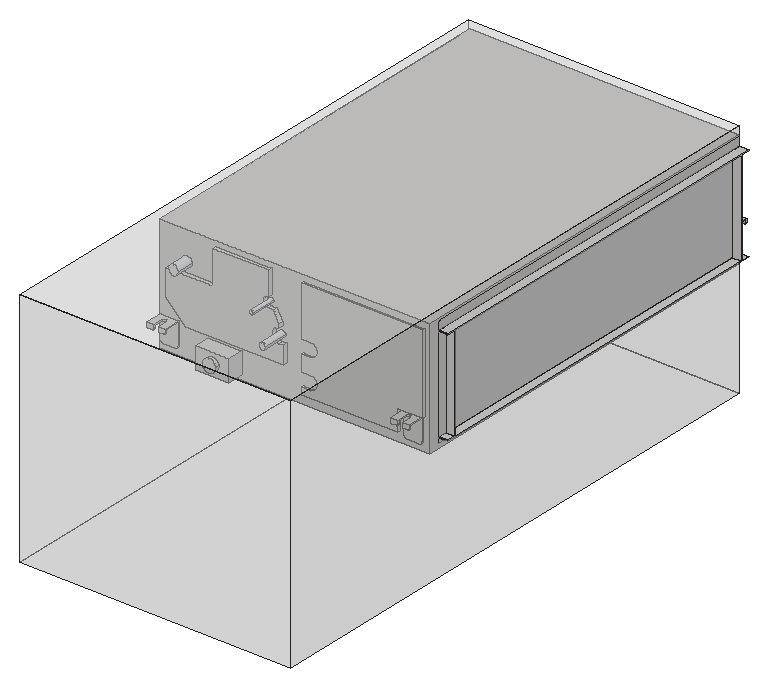
Revit family "outputfile", category 機械設備, Revit 2024
Family settings
  丸型コネクタ寸法 = 半径を使用
  パーツ タイプ = 標準
  OmniClass 番号 = 23.75.10.24.21.27.27
  OmniClass タイトル = Split System Air Conditioning Units
  作業面ベース = いいえ
  常に垂直 = はい
  ロード時にボイドで切り取り = いいえ
  注釈の向きを維持 = いいえ
  共有 = いいえ
  部屋計算ポイント = はい
Parameters (values of type "FXMQ80PAVE")
  Description = ""
  製造元 = "Daikin"
  書き出し IFC クラス(タイプ) = "IfcUnitaryEquipmentType"
  定義済み IFC タイプ(タイプ) = "AIRCONDITIONINGUNIT"
  Cost = 0
  モデル = "FXMQ80PAVE"
  Type Comments = ""
  Keynote = ""
  Type Image = (empty or 0)
  Assembly Code = ""
  r_Liquid Pipe Size = Liquid Pipe Size / 2  # 4.75 mm
  r_Gas Pipe Size = Gas Pipe Size / 2  # 7.95 mm
  r_Drain Pipe Size = Drain Pipe Size / 2  # 12.5 mm
  lw_power = 396.0 mm  # constant formula
  lh_SA = 165.0 mm  # constant formula
  lw_SA = if(Depth = 550.0 mm, 210.0 mm, if(Depth = 700.0 mm, 285.0 mm, if(Depth = 1000.0 mm, 435.0 mm, 635.0 mm)))  # 435.0 mm
  lw_RA = if(Depth = 550.0 mm, 288.0 mm, if(Depth = 700.0 mm, 363.0 mm, if(Depth = 1000.0 mm, 513.0 mm, 713.0 mm)))  # 513.0 mm
  lh_power = 60.0 mm + [h***]  # 60.0 mm
  lh_mountinghole1 = lh_mountinghole + [h***]  # 80.0 mm
  lh_RA = 150.0 mm  # constant formula
  ld_power = Depth / 2  # 500.0 mm
  Voltage_comment_60Hz = "220"
  Voltage_comment_50Hz = "220-240"
  Voltage_60Hz = 220 V
  Voltage_50Hz = 220 V
  URL = ""
  Supply Air Direction [instance] = yes
  Sound Power Level_H speed (dB) = 61
  Phase_60Hz = 1
  Phase_50Hz = 1
  Minimum External Static Pressure = 50.00 Pa
  Minimum Circuit Amps_60Hz = 2.3 A
  Minimum Circuit Amps_50Hz = 2.3 A
  Maximum Fuse Amps_60Hz = 16.0 A
  Maximum Fuse Amps_50Hz = 16.0 A
  Maximum External Static Pressure = 200.00 Pa
  Material_Casing = DAIKIN_GalvanizedSteel_Casing_indoorunit
  lw_mountinghole = 631.0 mm  # constant formula
  lh_gaspipe = 144.0 mm + [h***]  # 144.0 mm
  lh_mountinghole = 80.0 mm  # constant formula
  lh_liquidpipe = 212.0 mm + [h***]  # 212.0 mm
  lh_drainpipe = 232.0 mm + [h***]  # 232.0 mm
  lh_antena = Height - lh_mountinghole + 1.0 mm  # 221.0 mm
  ld_drainpipe = Depth / 2 + 54.0 mm  # 554.0 mm
  ld_liquidpipe = 565.0 mm
  ld_gaspipe = 565.0 mm
  ld_mountinghole = Depth + 38.0 mm  # 1038.0 mm
  h*** = 0.0 mm  # constant formula
  lw_liquidpipe = 290.0 mm  # constant formula
  lw_gaspipe = 318.0 mm  # constant formula
  lw_drainpipe = 80.0 mm  # constant formula
  Width = 700.0 mm
  Version = "ver.1.0"
  Unit Type = "Middle-High Static Pressure Duct Type"
  Unit Mass Weight = 35.00 kg
  Unit Designation [instance] = ""
  Uniclass2015Version = "Products v1.30"
  Uniclass2015Title = "Variable refrigerant flow units"
  Uniclass2015Code = "Pr_70_65_03_94"
  Total Heating Capacity [instance] = 0.000 kW
  Total Cooling Capacity [instance] = 0.000 kW
  Sound Pressure Level_M speed (dBA) = 0
  Sound Pressure Level_L speed (dBA) = 39
  Sound Pressure Level_H speed (dBA) = 43
  Series = "VRV Fan Coil Unit"
  Sensible Cooling Capacity [instance] = 0.000 kW
  SA Duct Size Width = if(Depth = 550.0 mm, 310.0 mm, if(Depth = 700.0 mm, 460.0 mm, if(Depth = 1000.0 mm, 760.0 mm, 1160.0 mm)))  # 760.0 mm
  SA Duct Size Height = 215.0 mm
  Refrigerant Type = "R410A"
  RA Duct Size Width = if(Depth = 550.0 mm, 475.0 mm, if(Depth = 700.0 mm, 625.0 mm, if(Depth = 1000.0 mm, 925.0 mm, 1325.0 mm)))  # 925.0 mm
  RA Duct Size Height = 247.0 mm
  Power Input (Heating) = 0.286 kW
  Power Input (Cooling) = 0.298 kW
  Option Accessory 3 [instance] = ""
  Option Accessory 2 [instance] = ""
  Option Accessory 1 [instance] = ""
  Nominal Heating Capacity = 10.000 kW
  Nominal Cooling Capacity = 9.000 kW
  Minimum Airflow = 1200.00 m³/h
  Median Airflow = 1350.00 m³/h
  Maximum Airflow = 1500.00 m³/h
  Load Classification = HVAC
  Liquid Pipe Size = 9.5 mm
  Link_Nested Family [instance] = ""
  IfcVersion = "0"
  IfcExportType = "AIRCONDITIONINGUNIT"
  IfcExportAs = "IfcUnitaryEquipmentType"
  Height = 300.0 mm
  Heating Entering Wet Bulb Temperature [instance] = 0.00 °C
  Heating Entering Dry Bulb Temperature [instance] = 0.00 °C
  Heating Ambient Wet Bulb Temperature [instance] = 0.00 °C
  Heating Ambient Dry Bulb Temperature [instance] = 0.00 °C
  Heat Exchanger Type = "Cross Fin Coil"
  Gas Pipe Size = 15.9 mm
  Frequency_60Hz = 60 Hz
  Frequency_50Hz = 50 Hz
  Fan Type = "Sirocco Fan"
  Fan Drive = "Direct Drive"
  FCU Tag No. [instance] = ""
  Drain Pipe Size = 25.0 mm
  Design Supply Airflow [instance] = 0.00 m³/h
  Design Return Airflow [instance] = 0.00 m³/h
  Design External Static Pressure [instance] = 0.00 Pa
  Depth = 1000.0 mm
  既定の高さ = 0.0 mm
  Cooling Entering Wet Bulb Temperature [instance] = 0.00 °C
  Cooling Entering Dry Bulb Temperature [instance] = 0.00 °C
  Cooling Ambient Wet Bulb Temperature [instance] = 0.00 °C
  Cooling Ambient Dry Bulb Temperature [instance] = 0.00 °C
  Clearance visibility [instance] = yes
  Clearance Top = 20.0 mm
  Clearance Right = 0.0 mm
  Clearance Rear = 0.0 mm
  Clearance Left = 0.0 mm
  Clearance Front = 450.0 mm
  Clearance Bottom = 300.0 mm
Reference planes
  plane 1 "Center (Front/Back)": y = 0
  plane 2 "h": z = 0
  plane 3 "Center (Left/Right)": x = 0
  plane 4 "Back": y = 500
  plane 5 "Front": y = -500
  plane 6 "Left": x = -350
  plane 7 "Reight": x = 350
  plane 8 "Top": z = 0
  plane 9 "Bottom": z = -300
  plane 10: y = -215
  plane 11: y = 500
  plane 12: y = -950
  plane 13: x = -350
  plane 14: x = 350
  plane 15: z = 20
  plane 16: z = -600
  plane 17: x = -350
  plane 18: z = -135
  plane 19: x = -349
  plane 20: x = 349
  plane 21: y = 65
  plane 22: y = 13
  plane 23: z = -150
  plane 24: y = -510.8
  plane 25: z = -14
  plane 26: z = -219
  plane 27: x = -324
  plane 28: x = -60
  plane 29: x = -20
  plane 30: z = -156
  plane 31: x = -32
  plane 32: z = -88
  plane 33: x = 23
  plane 34: x = 335
  plane 35: z = -15.8
  plane 36: z = -274.8
  plane 37: z = -219.8
  plane 38: x = 271
  plane 39: x = -223.3
  plane 40: x = -138.3
  plane 41: z = -232.7
  plane 42: z = -288.5
  plane 43: y = -541
  plane 44: x = -181
  plane 45: z = -260
  plane 46: y = -551
  plane 47: z = -163.8
  plane 48: z = -239.8
  plane 49: x = 46
  plane 50: z = -88
  plane 51: x = -60
  plane 52: y = -565
  plane 53: z = -156
  plane 54: x = -32
  plane 55: y = -554
  plane 56: z = -68
  plane 57: x = -270
  plane 58: x = -270
  plane 59: x = -60
  plane 60: x = -32
  plane 61: x = 46
  plane 62: x = -323
  plane 63: x = 308
  plane 64: y = -519
  plane 65: y = 519
  plane 66: z = -220
  plane 67: y = -506
  plane 68: x = -204
  plane 69: z = -100.2
  plane 70: x = -374
  plane 71: x = 374
Forms (mm)
  Extrusion 1, solid, material "DAIKIN_GalvanizedSteel_Casing_indoorunit" <- "Material_Casing"
    sketch origin (0, 0, 0) x (1, 0, 0) y (0, 1, 0)
      loop
        line (-349, 500) -> (-349, -500) -> (349, -500) -> (349, 500) -> (-349, 500)
    from -300 to 0
  Extrusion 2, solid, material "DAIKIN_GalvanizedSteel_Casing_indoorunit" <- "Material_Casing"
    sketch origin (0, 0, 0) x (1, 0, 0) y (0, 0, 1)
      loop
        line (-324, -100.2) -> (-324, -168) -> (-273, -219) -> (-20, -219) -> (-20, -173.5) -> (-32, -173.5)
        arc (-32, -173.5) -> (-49.5, -156) -> (-32, -138.5) r 17.5
        line (-32, -138.5) -> (-32, -127.5) -> (-47, -101) -> (-60, -101)
        arc (-60, -101) -> (-73, -88) -> (-60, -75) r 13
        line (-60, -75) -> (-60, -14) -> (-204, -14) -> (-204, -100.2) -> (-324, -100.2)
    from 500 to 510.8
  Extrusion 3, solid, material "DAIKIN_GalvanizedSteel_Casing_indoorunit" <- "Material_Casing"
    sketch origin (0, 0, 0) x (1, 0, 0) y (0, 0, 1)
      loop
        line (23, -274.8) -> (271, -274.8) -> (271, -219.8) -> (335, -219.8) -> (335, -15.8) -> (23, -15.8) -> (23, -146.3) -> (46, -146.3)
        arc (46, -146.3) -> (63.5, -163.8) -> (46, -181.3) r 17.5
        line (46, -181.3) -> (23, -181.3) -> (23, -222.3) -> (46, -222.3)
        arc (46, -222.3) -> (63.5, -239.8) -> (46, -257.3) r 17.5
        line (46, -257.3) -> (23, -257.3) -> (23, -274.8)
    from 500 to 506
  Extrusion 4, solid, material "DAIKIN_GalvanizedSteel_Casing_indoorunit" <- "Material_Casing"
    sketch origin (0, 0, 0) x (1, 0, 0) y (0, 0, 1)
      loop
        line (-223.3, -232.7) -> (-223.3, -288.5) -> (-138.3, -288.5) -> (-138.3, -232.7) -> (-223.3, -232.7)
    from 500 to 541
  Extrusion 5, solid, material "DAIKIN_GalvanizedSteel_Casing_indoorunit" <- "Material_Casing"
    sketch origin (0, 0, 0) x (1, 0, 0) y (0, 0, 1)
      loop
        circle (-181, -260) r 16.5
    from 541 to 551
  Extrusion 6, solid
    sketch origin (0, 0, 0) x (1, 0, 0) y (0, 0, 1)
      loop
        circle (-60, -88) r 4.75
    from 500 to 565
  Extrusion 7, solid
    sketch origin (0, 0, 0) x (1, 0, 0) y (0, 0, 1)
      loop
        circle (-32, -156) r 7.95
    from 500 to 565
  Extrusion 8, solid
    sketch origin (0, 0, 0) x (1, 0, 0) y (0, 0, 1)
      loop
        circle (-270, -68) r 12.5
    from 510.8 to 554
Dimensions and locks
  "Height": plane 8 "Top" to plane 9 "Bottom"
  equal spacing: plane 4 "Back", plane 1 "Center (Front/Back)", plane 5 "Front"
  "Depth": plane 4 "Back" to plane 5 "Front"
  equal spacing: plane 6 "Left", plane 3 "Center (Left/Right)", plane 7 "Reight"
  "Width": plane 6 "Left" to plane 7 "Reight"
  "Clearance Left": plane 13 to plane 6 "Left"
  "Clearance Right": plane 7 "Reight" to plane 14
  "Clearance Rear": plane 11 to plane 4 "Back"
  "Clearance Front": plane 5 "Front" to plane 12
  "Clearance Top": plane 15 to plane 8 "Top"
  "Clearance Bottom": plane 9 "Bottom" to plane 16
  "lh_SA": plane 18 to plane 9 "Bottom"
  locked: plane 17 to plane 19 at 1
  locked: plane 20 to plane 14 at 1
  "lw_SA": plane 11 to plane 21
  "lw_RA": plane 22 to plane 5 "Front"
  "lh_RA": plane 23 to plane 9 "Bottom"
  locked: plane 5 "Front" to plane 24 at 10.8
  plane 29 to plane 28 to plane 27 to plane 6 "Left" = 40.0 mm, 264.0 mm, 26.0 mm
  locked: plane 31 to plane 6 "Left" at 318
  plane 34 to plane 33 to plane 6 "Left" = 312.0 mm locked, 373.0 mm locked
  locked: plane 34 to plane 38 at 64
  locked: plane 37 to plane 36 at 55
  plane 40 to plane 39 to plane 6 "Left" = 85.0 mm locked, 126.7 mm locked
  locked: plane 5 "Front" to plane 43 at 41
  locked: plane 44 to plane 6 "Left" at 169
  locked: plane 43 to plane 46 at 10
  plane 47 to plane 48 to plane 36 = 76.0 mm locked, 35.0 mm locked
  locked: plane 49 to plane 33 at 23
  "lw_liquidpipe": plane 51 to plane 6 "Left"
  "lh_liquidpipe": plane 50 to plane 9 "Bottom"
  "lh_gaspipe": plane 53 to plane 9 "Bottom"
  "lw_gaspipe": plane 54 to plane 6 "Left"
  "ld_gaspipe": plane 52 to plane 1 "Center (Front/Back)"
  "ld_drainpipe": plane 55 to plane 1 "Center (Front/Back)"
  "lh_drainpipe": plane 56 to plane 9 "Bottom"
  "lw_drainpipe": plane 57 to plane 6 "Left"
  "lw_drainpipe": plane 6 "Left" to plane 58
  "lw_liquidpipe": plane 6 "Left" to plane 59
  "lw_gaspipe": plane 6 "Left" to plane 60
  "lw_power": plane 6 "Left" to plane 61
  plane 17 to plane 62 = 27.0 mm
  "lw_mountinghole": plane 62 to plane 63
  equal spacing: plane 64, plane 1 "Center (Front/Back)", plane 65
  "ld_mountinghole": plane 65 to plane 64
  "lh_mountinghole": plane 66 to plane 9 "Bottom"
  plane 8 "Top" to plane 41 to plane 42 = 232.7 mm locked, 55.8 mm locked
  locked: plane 8 "Top" to plane 45 at 260
  plane 8 "Top" to plane 25 to plane 26 = 14.0 mm locked, 205.0 mm locked
  plane 8 "Top" to plane 32 to plane 30 = 88.0 mm locked, 68.0 mm locked
  plane 8 "Top" to plane 35 to plane 36 = 15.8 mm locked, 259.0 mm locked
  locked: plane 5 "Front" to plane 67 at 6
  locked: plane 25 to plane 69 at 86.2
  locked: plane 27 to plane 68 at 120
  locked: plane 70 to plane 6 "Left" at 24
  locked: plane 14 to plane 71 at 24
  "r_Liquid Pipe Size": radius of Extrusion 6 sketch curve
  "r_Gas Pipe Size": radius of Extrusion 7 sketch curve
  "r_Drain Pipe Size": radius of Extrusion 8 sketch curve
  aligned and locked: level to plane 2 "h"
  aligned and locked: plane 8 "Top" to Extrusion 1
  aligned and locked: Extrusion 1 to plane 9 "Bottom"
  aligned and locked: nested 5 to plane 12
  aligned and locked: plane 13 to nested 5
  aligned and locked: plane 14 to nested 5
  aligned and locked: nested 5 to plane 13
  aligned and locked: plane 11 to nested 5
  aligned and locked: plane 15 to nested 5
  aligned and locked: plane 16 to nested 5
  aligned and locked: plane 5 "Front" to Extrusion 1 sketch curve
  aligned and locked: Extrusion 1 to plane 19
  aligned and locked: plane 20 to Extrusion 1
  aligned and locked: nested 7 to plane 19
  aligned and locked: nested 7 to plane 21
  aligned and locked: plane 18 to nested 7
  aligned and locked: plane 20 to nested 8
  aligned and locked: plane 22 to nested 8
  aligned and locked: plane 23 to nested 8
  aligned and locked: Extrusion 2 to plane 24
  aligned and locked: plane 5 "Front" to Extrusion 2
  aligned and locked: plane 36 to Extrusion 3 sketch curve
  aligned and locked: plane 38 to Extrusion 3 sketch curve
  aligned and locked: plane 37 to Extrusion 3 sketch curve
  aligned and locked: Extrusion 3 sketch curve to plane 34
  aligned and locked: Extrusion 3 sketch curve to plane 35
  aligned and locked: Extrusion 3 sketch curve to plane 33
  aligned and locked: plane 5 "Front" to Extrusion 3
  aligned and locked: Extrusion 4 sketch curve to plane 41
  aligned and locked: Extrusion 4 sketch curve to plane 39
  aligned and locked: plane 42 to Extrusion 4 sketch curve
  aligned and locked: plane 40 to Extrusion 4 sketch curve
  aligned and locked: Extrusion 4 to plane 43
  aligned and locked: plane 5 "Front" to Extrusion 4
  aligned and locked: Extrusion 5 sketch curve to plane 44
  aligned and locked: plane 45 to Extrusion 5 sketch curve
  aligned and locked: Extrusion 5 to plane 46
  aligned and locked: plane 43 to Extrusion 5
  aligned and locked: Extrusion 6 sketch curve to plane 51
  aligned and locked: plane 50 to Extrusion 6 sketch curve
  aligned and locked: Extrusion 6 to plane 52
  aligned and locked: plane 5 "Front" to Extrusion 6
  aligned and locked: Extrusion 7 sketch curve to plane 54
  aligned and locked: plane 53 to Extrusion 7 sketch curve
  aligned and locked: Extrusion 7 to Extrusion 6
  aligned and locked: plane 5 "Front" to Extrusion 7
  aligned and locked: Extrusion 8 sketch curve to plane 57
  aligned and locked: plane 56 to Extrusion 8 sketch curve
  aligned and locked: Extrusion 8 to plane 55
  aligned and locked: plane 24 to Extrusion 8
  aligned and locked: nested 3 to plane 55
  aligned and locked: plane 58 to nested 3
  aligned and locked: nested 2 to plane 59
  aligned and locked: nested 2 to plane 52
  aligned and locked: nested 1 to plane 60
  aligned and locked: Extrusion 7 to plane 52
  aligned and locked: nested 1 to plane 52
  aligned and locked: nested 6 to plane 5 "Front"
  aligned and locked: nested 6 to plane 61
  aligned and locked: plane 62 to nested 10
  aligned and locked: nested 10 to plane 5 "Front"
  aligned and locked: plane 63 to nested 9
  aligned and locked: nested 9 to plane 5 "Front"
  aligned and locked: nested 11 to plane 62
  aligned and locked: plane 4 "Back" to nested 11
  aligned and locked: nested 12 to plane 63
  aligned and locked: plane 4 "Back" to nested 12
  aligned and locked: plane 66 to nested 10
  aligned and locked: plane 66 to nested 11
  aligned and locked: plane 66 to nested 9
  aligned and locked: plane 66 to nested 12
  aligned and locked: plane 62 to nested 14
  aligned and locked: nested 14 to plane 65
  aligned and locked: plane 63 to nested 13
  aligned and locked: nested 13 to plane 65
  aligned and locked: plane 63 to nested 16
  aligned and locked: plane 64 to nested 16
  aligned and locked: plane 64 to nested 15
  aligned and locked: plane 62 to nested 15
  aligned and locked: Extrusion 3 to plane 67
  aligned and locked: Extrusion 2 sketch curve to plane 68
  aligned and locked: plane 69 to Extrusion 2 sketch curve
  aligned and locked: nested 17 to plane 21
  aligned and locked: nested 17 to plane 70
  aligned and locked: plane 18 to nested 17
  aligned and locked: plane 22 to nested 18
  aligned and locked: plane 71 to nested 18
  aligned and locked: nested 18 to plane 23
  aligned and locked: nested 4 to plane 3 "Center (Left/Right)"
  aligned and locked: plane 1 "Center (Front/Back)" to nested 4
  aligned and locked: level to plane 8 "Top"
Automatic sketch dimensions
  plane 6 "Left" to Extrusion 1 sketch curve = 1.0 mm
  Extrusion 1 sketch curve to plane 7 "Reight" = 1.0 mm
  Extrusion 1 sketch curve to plane 4 "Back" = 0.0 mm
  Extrusion 3 sketch curve to plane 33 = 0.0 mm  (x2)
  Extrusion 3 sketch curve to plane 47 = 0.0 mm
  Extrusion 3 sketch curve to plane 49 = 0.0 mm  (x4)
  Extrusion 3 sketch curve to plane 48 = 0.0 mm
  Extrusion 3 sketch curve to plane 37 = 2.5 mm
  plane 23 to Extrusion 3 sketch curve = 3.7 mm
  plane 27 to Extrusion 2 sketch curve = 0.0 mm
  Extrusion 2 sketch curve to plane 26 = 0.0 mm
  Extrusion 2 sketch curve to plane 28 = 0.0 mm
  Extrusion 2 sketch curve to plane 31 = 0.0 mm
  Extrusion 2 sketch curve to plane 29 = 0.0 mm
  Extrusion 2 sketch curve to plane 30 = 0.0 mm
  Extrusion 2 sketch curve to plane 32 = 0.0 mm
  Extrusion 2 sketch curve to plane 25 = 0.0 mm
  Extrusion 2 sketch curve to Extrusion 2 sketch curve = 13.0 mm
  Extrusion 2 sketch curve to Extrusion 2 sketch curve = 17.5 mm
  plane 18 to Extrusion 2 sketch curve = 7.5 mm
  Extrusion 2 sketch curve to plane 58 = 3.0 mm
  Extrusion 2 sketch curve to plane 30 = 12.0 mm
  Extrusion 2 sketch curve to Extrusion 2 sketch curve = 0.8 mm
  radius of Extrusion 5 sketch curve = 16.5 mm
Nested families
  nested 1: "daikin_connector_rotate2" at (-32, 0, -156), length <- "ld_gaspipe", built-in parameter 1001364 <- "lh_gaspipe", radius <- "r_Gas Pipe Size", type "daikin_connector_rotate2"
    with radius 7.95 mm, length 565.0 mm, angle_vertical 90.00°
  nested 2: "daikin_connector_rotate2" at (-60, 0, -88), length <- "ld_liquidpipe", built-in parameter 1001364 <- "lh_liquidpipe", radius <- "r_Liquid Pipe Size", type "daikin_connector_rotate2"
    with radius 4.75 mm, length 565.0 mm, angle_vertical 90.00°
  nested 3: "daikin_connector_rotate2" at (-270, 0, -68), length <- "ld_drainpipe", built-in parameter 1001364 <- "lh_drainpipe", radius <- "r_Drain Pipe Size", type "daikin_connector_rotate2"
    with radius 12.5 mm, length 554.0 mm, angle_vertical 90.00°
  nested 4: "daikin_△_symbolicline" at (0, 0, 300) x (0, -1, 0) z (0, 0, 1), built-in parameter 1001364 <- "Height", visible <- "Supply Air Direction", type "daikin_△_symbolicline"
    with length 200.0 mm
  nested 5: "daikin_clearancespace" at (0, -225, -289.881), visible <- "Clearance visibility", show <- "Clearance visibility", Link_Nested Family <- "Link_Nested Family", type "daikin_clearancespace"
    with width 700.0 mm, show yes, height 620.0 mm, depth 1450.0 mm, Link_Nested Family ""
  nested 6: "daikin_connector_rotate2" at (46, 0, -240), built-in parameter 1001364 <- "lh_power", length <- "ld_power", type "daikin_connector_rotate2"
    with radius 10.0 mm, length 500.0 mm, angle_vertical 90.00°
  nested 7: "daikin_ductflange_FXMQ-PAVE2" at (-349, 65, -135) x (0, -1, 0) z (0, 0, 1), type "daikin_ductflange_FXMQ-PAVE2"
    with width 760.0 mm, w 1000.0 mm
  nested 8: "daikin_ductflange_FXMQ-PAVE" at (349, 13, -150) x (0, 1, 0) z (0, 0, 1), type "daikin_ductflange_FXMQ-PAVE"
    with width 925.0 mm, w 1000.0 mm
  nested 9: "daikin_hangerfixture_FXMQ-PAVE" at (308, -500, -220), type "daikin_hangerfixture_FXMQ-PAVE"
  nested 10: "daikin_hangerfixture_FXMQ-PAVE" at (-323, -500, -220), type "daikin_hangerfixture_FXMQ-PAVE"
  nested 11: "daikin_hangerfixture_FXMQ-PAVE" at (-323, 500, -220) x (-1, 0, 0) z (0, 0, 1), type "daikin_hangerfixture_FXMQ-PAVE"
  nested 12: "daikin_hangerfixture_FXMQ-PAVE" at (308, 500, -220) x (-1, 0, 0) z (0, 0, 1), type "daikin_hangerfixture_FXMQ-PAVE"
  nested 13: "daikin_mountinghole" at (308, 519, -300), h_mountinghole <- "lh_mountinghole1", l_antenna <- "lh_antena", Link_Nested Family <- "Link_Nested Family", type "daikin_mountinghole"
    with show yes, l_antenna 221.0 mm, h_mountinghole 80.0 mm, Link_Nested Family ""
  nested 14: "daikin_mountinghole" at (-323, 519, -300), h_mountinghole <- "lh_mountinghole1", l_antenna <- "lh_antena", Link_Nested Family <- "Link_Nested Family", type "daikin_mountinghole"
    with show yes, l_antenna 221.0 mm, h_mountinghole 80.0 mm, Link_Nested Family ""
  nested 15: "daikin_mountinghole" at (-323, -519, -300), h_mountinghole <- "lh_mountinghole1", l_antenna <- "lh_antena", Link_Nested Family <- "Link_Nested Family", type "daikin_mountinghole"
    with show yes, l_antenna 221.0 mm, h_mountinghole 80.0 mm, Link_Nested Family ""
  nested 16: "daikin_mountinghole" at (308, -519, -300), h_mountinghole <- "lh_mountinghole1", l_antenna <- "lh_antena", Link_Nested Family <- "Link_Nested Family", type "daikin_mountinghole"
    with show yes, l_antenna 221.0 mm, h_mountinghole 80.0 mm, Link_Nested Family ""
  nested 17: "daikin_connector_rotate2" at (-350, 65, -135) x (0, -1, 0) z (0, 0, 1), type "daikin_connector_rotate2"
    with radius 10.0 mm, length 24.0 mm, angle_vertical 90.00°
  nested 18: "daikin_connector_rotate2" at (350, 13, -150) x (0, 1, 0) z (0, 0, 1), type "daikin_connector_rotate2"
    with radius 10.0 mm, length 24.0 mm, angle_vertical 90.00°
Connectors
  piping at (-270, -554, -68), diameter 25, driven by "r_Drain Pipe Size"
    settings: on nested 3, index 3, connector inside diameter 609.6 mm, connector length 0.0 mm, flow factor 0, pipe flow 0.00 m³/h, pressure drop 0.0 Pa, fitting loss kfactor 0, connector angle 0.00°, fixture units 0, engagement length 0.0 mm, angle of deflection 0.00°, flow configuration 1, flow direction 2, fitting loss method 4, system type 16, joint type 0, gender type 0, connector reference index -1, connector utility 0, adjustable connector no, is connector primary yes, connector description "Condensate Drain Piping"
  piping at (-32, -565, -156), diameter 15.9, driven by "r_Gas Pipe Size"
    settings: on nested 1, index 4, connector inside diameter 609.6 mm, connector length 0.0 mm, flow factor 0, pipe flow 0.00 m³/h, pressure drop 0.0 Pa, fitting loss kfactor 0, connector angle 0.00°, fixture units 0, engagement length 0.0 mm, angle of deflection 0.00°, flow configuration 1, flow direction 2, fitting loss method 0, system type 29, joint type 0, gender type 0, connector reference index -1, connector utility 0, adjustable connector no, is connector primary no, connector description "Refrigerant Gas Piping"
  piping at (-60, -565, -88), diameter 9.5, driven by "r_Liquid Pipe Size"
    settings: on nested 2, index 5, connector inside diameter 609.6 mm, connector length 0.0 mm, flow factor 0, pipe flow 0.00 m³/h, pressure drop 0.0 Pa, fitting loss kfactor 0, connector angle 0.00°, fixture units 0, engagement length 0.0 mm, angle of deflection 0.00°, flow configuration 1, flow direction 1, fitting loss method 0, system type 29, joint type 0, gender type 0, connector reference index -1, connector utility 0, adjustable connector no, is connector primary no, connector description "Refrigerant Liquid Piping"
  electrical at (46, -500, -240), driven by "Load Classification"
    settings: on nested 6, index 6, voltage 0 V, apparent load 0 VA, apparent load phase1 0 VA, apparent load phase2 0 VA, apparent load phase3 0 VA, power factor 1, load classification "HVAC", number of poles 1, system type 30, power factor state 1, is connector primary yes, connector utility no, sub classification motor no, connector description "Power Supply"
  hvac at (-374, 65, -135), driven by "SA Duct Size Height", driven by "SA Duct Size Width"
    settings: on nested 17, index 7, duct flow 0.00 m³/h, flow factor 0, pres drop 0.00 Pa, loss coef 0, conn angle 0.00°, conn width 760.0 mm, conn height 215.0 mm, conn diameter 609.6 mm, duct sys type 1, conn prof type 1, flow config 0, flow direction 2, loss method 4, conn ref index -1, conn util no, is conn primary yes, conn desc "SA Duct"
  hvac at (374, 13, -150), driven by "RA Duct Size Height", driven by "RA Duct Size Width"
    settings: on nested 18, index 8, duct flow 0.00 m³/h, flow factor 0, pres drop 0.00 Pa, loss coef 0, conn angle 0.00°, conn width 925.0 mm, conn height 247.0 mm, conn diameter 609.6 mm, duct sys type 2, conn prof type 1, flow config 0, flow direction 1, loss method 4, conn ref index -1, conn util no, is conn primary no, conn desc "RA Duct"
Definition of nested family "daikin_clearancespace"
  Parameters (values of type "daikin_clearancespace")
    width [instance] = 1823.963 mm
    show [instance] = yes
    material = none
    height [instance] = 1359.762 mm
    depth [instance] = 880.0 mm
    Default Elevation = 0.0 mm
    Link_Nested Family [instance] = ""
  Reference planes
    plane 1 "Center (Front/Back)": y = 0
    plane 2 "Center (Elevation)": z = -0.119
    plane 3 "Center (Left/Right)": x = 0
    plane 4: y = 440
    plane 5: y = -440
    plane 6 "Right": x = 911.982
    plane 7 "Left": x = -911.982
    plane 8 "Top": z = 679.762
    plane 9 "Bottom": z = -680
  Forms (mm)
    Extrusion 1, solid, material <- "material", visible <- "show"
      sketch origin (0, 0, 0) x (1, 0, 0) y (0, 1, 0)
        loop
          line (-911.982, 440) -> (-911.982, -440) -> (911.982, -440) -> (911.982, 440) -> (-911.982, 440)
      from -680 to 679.762
  Lines and regions (mm)
    symbolic lines, visible <- "show"
      curve 1: line (911.982, 440, 0) -> (-911.982, 440, 0)
      curve 2: line (-911.982, 440, 0) -> (-911.982, -440, 0)
      curve 3: line (-911.982, -440, 0) -> (911.982, -440, 0)
      curve 4: line (911.982, -440, 0) -> (911.982, 440, 0)
      curve 5: line (911.982, 0, 679.762) -> (-911.982, 0, 679.762)
      curve 6: line (911.982, 0, -680) -> (911.982, 0, 679.762)
      curve 7: line (-911.982, 0, -680) -> (911.982, 0, -680)
      curve 8: line (-911.982, 0, 679.762) -> (-911.982, 0, -680)
      curve 9: line (0, 440, 679.762) -> (0, -440, 679.762)
      curve 10: line (0, -440, 679.762) -> (0, -440, -680)
      curve 11: line (0, 440, -680) -> (0, 440, 679.762)
      curve 12: line (0, -440, -680) -> (0, 440, -680)
  Dimensions and locks
    "width": plane 7 "Left" to plane 6 "Right"
    "depth": plane 4 to plane 5
    "height": plane 8 "Top" to plane 9 "Bottom"
    equal spacing: plane 7 "Left", plane 3 "Center (Left/Right)", plane 6 "Right"
    equal spacing: plane 4, plane 1 "Center (Front/Back)", plane 5
    equal spacing: plane 8 "Top", plane 2 "Center (Elevation)", plane 9 "Bottom"
    aligned and locked: level to plane 2 "Center (Elevation)"
    aligned and locked: Extrusion 1 sketch curve to plane 4
    aligned and locked: plane 7 "Left" to Extrusion 1 sketch curve
    aligned and locked: Extrusion 1 sketch curve to plane 5
    aligned and locked: Extrusion 1 sketch curve to plane 6 "Right"
    aligned and locked: plane 8 "Top" to Extrusion 1
    aligned and locked: curve 1 to Extrusion 1
    aligned and locked: curve 2 to Extrusion 1
    aligned and locked: curve 3 to Extrusion 1
    aligned and locked: curve 4 to Extrusion 1
    aligned and locked: curve 5 to Extrusion 1
    aligned and locked: curve 6 to Extrusion 1
    aligned and locked: curve 7 to Extrusion 1
    aligned and locked: curve 8 to Extrusion 1
    aligned and locked: curve 9 to Extrusion 1
    aligned and locked: curve 10 to Extrusion 1
    aligned and locked: curve 11 to Extrusion 1
    aligned and locked: curve 12 to Extrusion 1
    aligned and locked: Extrusion 1 to plane 9 "Bottom"
Definition of nested family "daikin_ductflange_FXMQ-PAVE2"
  Parameters (values of type "daikin_ductflange_FXDSQ-AVM2")
    width = if(w = 550.0 mm, 310.0 mm, if(w = 700.0 mm, 460.0 mm, if(w = 1000.0 mm, 760.0 mm, 1160.0 mm)))  # 310.0 mm
    material = none
    height = 215.0 mm
    depth = 1.0 mm
    w = 550.0 mm
    Default Elevation = 0.0 mm
  Reference planes
    plane 1 "Center (Front/Back)": y = 0
    plane 2: z = 0
    plane 3 "Center (Left/Right)": x = 0
    plane 4: z = 107.5
    plane 5: z = -107.5
    plane 6: y = -25
    plane 7: z = 132.5
    plane 8: z = 108.5
    plane 9: y = -1
    plane 10: x = -177.5
    plane 11: x = 177.5
    plane 12: z = -132.5
    plane 13: z = -108.5
    plane 14: y = -1
    plane 15: x = 155
    plane 16: x = -155
    plane 17: x = 156
    plane 18: z = 106.5
    plane 19: z = -106.5
    plane 20: x = -156
    plane 21: z = 106.5
    plane 22: z = -106.5
    plane 23: y = -1
  Forms (mm)
    Extrusion 1, solid, material <- "material"
      sketch origin (0, 0, 0) x (0, 1, 0) y (0, 0, 1)
        loop
          line (-25, 107.5) -> (0, 107.5) -> (0, 132.5) -> (-1, 132.5) -> (-1, 108.5) -> (-25, 108.5) -> (-25, 107.5)
      from -177.5 to 177.5
    Extrusion 2, solid, material <- "material"
      sketch origin (0, 0, 0) x (0, 1, 0) y (0, 0, 1)
        loop
          line (-25, -107.5) -> (-25, -108.5) -> (-1, -108.5) -> (-1, -132.5) -> (0, -132.5) -> (0, -107.5) -> (-25, -107.5)
      from -177.5 to 177.5
    Extrusion 3, solid, material <- "material"
      sketch origin (0, 0, 0) x (1, 0, 0) y (0, 0, 1)
        loop
          line (155, 107.5) -> (155, -107.5) -> (177.5, -107.5) -> (177.5, -106.5) -> (156, -106.5) -> (156, 106.5) -> (177.5, 106.5) -> (177.5, 107.5) -> (155, 107.5)
      from 0 to 25
    Extrusion 4, solid, material <- "material"
      sketch origin (0, 0, 0) x (1, 0, 0) y (0, 0, 1)
        loop
          line (-177.5, 107.5) -> (-177.5, 106.5) -> (-156, 106.5) -> (-156, -106.5) -> (-177.5, -106.5) -> (-177.5, -107.5) -> (-155, -107.5) -> (-155, 107.5) -> (-177.5, 107.5)
      from 0 to 25
    Extrusion 5, solid, material <- "material"
      sketch origin (0, 0, 0) x (1, 0, 0) y (0, 0, 1)
        loop
          line (-177.5, 107.5) -> (-177.5, -107.5) -> (-155, -107.5) -> (-155, 107.5) -> (-177.5, 107.5)
        loop
          line (177.5, 107.5) -> (155, 107.5) -> (155, -107.5) -> (177.5, -107.5) -> (177.5, 107.5)
      from 0 to 1
  Cuts and joins
    joined: Extrusion 1, Extrusion 2, Extrusion 3, Extrusion 4, Extrusion 5
  Dimensions and locks
    plane 4 to level to plane 5 = 107.5 mm locked, 107.5 mm locked
    locked: plane 6 to plane 1 "Center (Front/Back)" at 25
    locked: plane 9 to plane 1 "Center (Front/Back)" at 1
    locked: plane 8 to plane 4 at 1
    locked: plane 11 to plane 15 at 22.5
    locked: plane 16 to plane 10 at 22.5
    locked: plane 17 to plane 15 at 1
    locked: plane 4 to plane 18 at 1
    locked: plane 19 to plane 5 at 1
    "width": plane 15 to plane 16
    plane 4 to plane 5 = 215.0 mm
    equal spacing: plane 15, plane 3 "Center (Left/Right)", plane 16
    locked: plane 16 to plane 20 at 1
    locked: plane 4 to plane 21 at 1
    locked: plane 22 to plane 5 at 1
    locked: plane 23 to plane 1 "Center (Front/Back)" at 1
    aligned and locked: level to plane 2
    aligned and locked: Extrusion 1 to plane 10
    aligned and locked: plane 11 to Extrusion 1
    aligned and locked: plane 5 to Extrusion 2
    aligned and locked: Extrusion 2 to plane 1 "Center (Front/Back)"
    aligned and locked: plane 15 to Extrusion 3 sketch curve
    aligned and locked: Extrusion 3 sketch curve to Extrusion 2  (x2)
    aligned and locked: Extrusion 3 sketch curve to plane 11
    aligned and locked: plane 6 to Extrusion 3
    aligned and locked: Extrusion 2 to plane 10
    aligned and locked: plane 11 to Extrusion 2
    aligned and locked: Extrusion 4 sketch curve to Extrusion 1  (x2)
    aligned and locked: plane 5 to Extrusion 4 sketch curve
    aligned and locked: Extrusion 4 sketch curve to plane 16
    aligned and locked: Extrusion 4 sketch curve to plane 22
    aligned and locked: plane 20 to Extrusion 4 sketch curve
    aligned and locked: plane 21 to Extrusion 4 sketch curve
    aligned and locked: Extrusion 4 to plane 1 "Center (Front/Back)"
    aligned and locked: plane 6 to Extrusion 4
    aligned and locked: Extrusion 5 sketch curve to Extrusion 1  (x4)
    aligned and locked: Extrusion 5 sketch curve to Extrusion 4  (x2)
    aligned and locked: Extrusion 5 sketch curve to Extrusion 3  (x2)
    aligned and locked: Extrusion 5 to plane 1 "Center (Front/Back)"
    aligned and locked: plane 23 to Extrusion 5
  Automatic sketch dimensions
    Extrusion 1 sketch curve to plane 6 = 0.0 mm
    Extrusion 1 sketch curve to plane 7 = 0.0 mm
    Extrusion 1 sketch curve to plane 9 = 0.0 mm
    Extrusion 1 sketch curve to plane 1 "Center (Front/Back)" = 0.0 mm
    Extrusion 1 sketch curve to plane 4 = 0.0 mm
    Extrusion 1 sketch curve to plane 8 = 0.0 mm
    Extrusion 2 sketch curve to plane 6 = 0.0 mm
    plane 12 to Extrusion 2 sketch curve = 0.0 mm
    Extrusion 2 sketch curve to plane 14 = 0.0 mm
    Extrusion 2 sketch curve to plane 1 "Center (Front/Back)" = 0.0 mm
    plane 13 to Extrusion 2 sketch curve = 0.0 mm
    Extrusion 2 sketch curve to plane 5 = 0.0 mm
    Extrusion 3 sketch curve to plane 17 = 0.0 mm
    Extrusion 3 sketch curve to plane 19 = 0.0 mm
    Extrusion 3 sketch curve to plane 18 = 0.0 mm
    Extrusion 3 sketch curve to plane 4 = 0.0 mm
    Extrusion 4 sketch curve to plane 10 = 0.0 mm
Definition of nested family "daikin_ductflange_FXMQ-PAVE"
  Parameters (values of type "daikin_ductflange_FXDSQ-AVM")
    width = if(w = 550.0 mm, 475.0 mm, if(w = 700.0 mm, 625.0 mm, if(w = 1000.0 mm, 925.0 mm, 1325.0 mm)))  # 475.0 mm
    material = none
    height = 247.0 mm
    depth = 1.0 mm
    w = 550.0 mm
    Default Elevation = 0.0 mm
  Reference planes
    plane 1 "Center (Front/Back)": y = 0
    plane 2: z = 0
    plane 3 "Center (Left/Right)": x = 0
    plane 4: z = 123.5
    plane 5: z = -123.5
    plane 6: y = -25
    plane 7: z = 146.5
    plane 8: z = 124.5
    plane 9: y = -1
    plane 10: x = -260
    plane 11: x = 260
    plane 12: z = -137
    plane 13: z = -124.5
    plane 14: y = -1
    plane 15: x = 237.5
    plane 16: x = -237.5
    plane 17: x = 238.5
    plane 18: z = 122.5
    plane 19: z = -122.5
    plane 20: x = -238.5
    plane 21: z = 122.5
    plane 22: z = -122.5
    plane 23: y = -1
  Forms (mm)
    Extrusion 1, solid, material <- "material"
      sketch origin (0, 0, 0) x (0, 1, 0) y (0, 0, 1)
        loop
          line (-25, 123.5) -> (0, 123.5) -> (0, 146.5) -> (-1, 146.5) -> (-1, 124.5) -> (-25, 124.5) -> (-25, 123.5)
      from -260 to 260
    Extrusion 2, solid, material <- "material"
      sketch origin (0, 0, 0) x (0, 1, 0) y (0, 0, 1)
        loop
          line (-25, -123.5) -> (-25, -124.5) -> (-1, -124.5) -> (-1, -137) -> (0, -137) -> (0, -123.5) -> (-25, -123.5)
      from -260 to 260
    Extrusion 3, solid, material <- "material"
      sketch origin (0, 0, 0) x (1, 0, 0) y (0, 0, 1)
        loop
          line (237.5, 123.5) -> (237.5, -123.5) -> (260, -123.5) -> (260, -122.5) -> (238.5, -122.5) -> (238.5, 122.5) -> (260, 122.5) -> (260, 123.5) -> (237.5, 123.5)
      from 0 to 25
    Extrusion 4, solid, material <- "material"
      sketch origin (0, 0, 0) x (1, 0, 0) y (0, 0, 1)
        loop
          line (-260, 123.5) -> (-260, 122.5) -> (-238.5, 122.5) -> (-238.5, -122.5) -> (-260, -122.5) -> (-260, -123.5) -> (-237.5, -123.5) -> (-237.5, 123.5) -> (-260, 123.5)
      from 0 to 25
    Extrusion 5, solid, material <- "material"
      sketch origin (0, 0, 0) x (1, 0, 0) y (0, 0, 1)
        loop
          line (-260, 123.5) -> (-260, -123.5) -> (-237.5, -123.5) -> (-237.5, 123.5) -> (-260, 123.5)
        loop
          line (260, 123.5) -> (237.5, 123.5) -> (237.5, -123.5) -> (260, -123.5) -> (260, 123.5)
      from 0 to 1
  Cuts and joins
    joined: Extrusion 1, Extrusion 2, Extrusion 3, Extrusion 4, Extrusion 5
  Dimensions and locks
    plane 4 to level to plane 5 = 123.5 mm, 123.5 mm
    locked: plane 6 to plane 1 "Center (Front/Back)" at 25
    locked: plane 9 to plane 1 "Center (Front/Back)" at 1
    locked: plane 8 to plane 4 at 1
    locked: plane 11 to plane 15 at 22.5
    locked: plane 16 to plane 10 at 22.5
    locked: plane 17 to plane 15 at 1
    locked: plane 4 to plane 18 at 1
    locked: plane 19 to plane 5 at 1
    "width": plane 15 to plane 16
    equal spacing: plane 15, plane 3 "Center (Left/Right)", plane 16
    locked: plane 16 to plane 20 at 1
    locked: plane 4 to plane 21 at 1
    locked: plane 22 to plane 5 at 1
    locked: plane 23 to plane 1 "Center (Front/Back)" at 1
    equal spacing: plane 4, level, plane 5
    locked: plane 7 to plane 4 at 23
    locked: plane 5 to plane 12 at 13.5
    locked: plane 1 "Center (Front/Back)" to plane 14 at 1
    locked: plane 5 to plane 13 at 1
    locked: plane 4 to plane 5 at 247
    aligned and locked: level to plane 2
    aligned and locked: Extrusion 1 to plane 10
    aligned and locked: plane 11 to Extrusion 1
    aligned and locked: plane 5 to Extrusion 2
    aligned and locked: Extrusion 2 to plane 1 "Center (Front/Back)"
    aligned and locked: plane 15 to Extrusion 3 sketch curve
    aligned and locked: Extrusion 3 sketch curve to Extrusion 2  (x2)
    aligned and locked: Extrusion 3 sketch curve to plane 11
    aligned and locked: plane 6 to Extrusion 3
    aligned and locked: Extrusion 2 to plane 10
    aligned and locked: plane 11 to Extrusion 2
    aligned and locked: Extrusion 4 sketch curve to Extrusion 1  (x2)
    aligned and locked: plane 5 to Extrusion 4 sketch curve
    aligned and locked: Extrusion 4 sketch curve to plane 16
    aligned and locked: Extrusion 4 sketch curve to plane 22
    aligned and locked: plane 20 to Extrusion 4 sketch curve
    aligned and locked: plane 21 to Extrusion 4 sketch curve
    aligned and locked: Extrusion 4 to plane 1 "Center (Front/Back)"
    aligned and locked: plane 6 to Extrusion 4
    aligned and locked: Extrusion 5 sketch curve to Extrusion 1  (x4)
    aligned and locked: Extrusion 5 sketch curve to Extrusion 4  (x2)
    aligned and locked: Extrusion 5 sketch curve to Extrusion 3  (x2)
    aligned and locked: Extrusion 5 to plane 1 "Center (Front/Back)"
    aligned and locked: plane 23 to Extrusion 5
  Automatic sketch dimensions
    Extrusion 1 sketch curve to plane 6 = 0.0 mm
    Extrusion 1 sketch curve to plane 7 = 0.0 mm
    Extrusion 1 sketch curve to plane 9 = 0.0 mm
    Extrusion 1 sketch curve to plane 1 "Center (Front/Back)" = 0.0 mm
    Extrusion 1 sketch curve to plane 4 = 0.0 mm
    Extrusion 1 sketch curve to plane 8 = 0.0 mm
    Extrusion 2 sketch curve to plane 6 = 0.0 mm
    plane 12 to Extrusion 2 sketch curve = 0.0 mm
    Extrusion 2 sketch curve to plane 14 = 0.0 mm
    Extrusion 2 sketch curve to plane 1 "Center (Front/Back)" = 0.0 mm
    plane 13 to Extrusion 2 sketch curve = 0.0 mm
    Extrusion 2 sketch curve to plane 5 = 0.0 mm
    Extrusion 3 sketch curve to plane 17 = 0.0 mm
    Extrusion 3 sketch curve to plane 19 = 0.0 mm
    Extrusion 3 sketch curve to plane 18 = 0.0 mm
    Extrusion 3 sketch curve to plane 4 = 0.0 mm
    Extrusion 4 sketch curve to plane 10 = 0.0 mm
Definition of nested family "daikin_hangerfixture_FXMQ-PAVE"
  Parameters (values of type "daikin_hangerfixture_FXMQ-PAVE")
    width = 48.0 mm
    material = none
    height = 65.0 mm
    depth = 45.0 mm
    Default Elevation = 0.0 mm
  Reference planes
    plane 1 "Center (Front/Back)": y = 0
    plane 2: z = 0
    plane 3 "Center (Left/Right)": x = 0
    plane 4: y = 417.146
    plane 5: y = -45
    plane 6: x = -24
    plane 7: x = 24
    plane 8: z = -2.3
    plane 9: z = -65
    plane 10: y = -2.3
    plane 11: z = -12
    plane 12: y = -42.7
  Forms (mm)
    Extrusion 1, solid, material <- "material"
      sketch origin (0, 0, 0) x (1, 0, 0) y (0, 1, 0)
        loop
          line (24, 0) -> (-24, 0) -> (-24, -45) -> (-6, -45) -> (-6, -19)
          arc (-6, -19) -> (0, -13) -> (6, -19) r 6
          line (6, -19) -> (6, -45) -> (24, -45) -> (24, 0)
      from 0 to -2.3
    Extrusion 2, solid, material <- "material"
      sketch origin (0, 0, 0) x (1, 0, 0) y (0, 0, 1)
        loop
          line (24, -55) -> (24, 0) -> (-24, 0) -> (-24, -55)
          arc (-24, -55) -> (-21.071, -62.071) -> (-14, -65) r 10
          line (-14, -65) -> (14, -65)
          arc (14, -65) -> (21.071, -62.071) -> (24, -55) r 10
      from 0 to 2.3
    Extrusion 3, solid, material <- "material"
      sketch origin (0, 0, 0) x (1, 0, 0) y (0, 0, 1)
        loop
          line (-6, -9) -> (-6, 0) -> (-24, 0) -> (-24, -9)
          arc (-24, -9) -> (-23.121, -11.121) -> (-21, -12) r 3
          line (-21, -12) -> (-9, -12)
          arc (-9, -12) -> (-6.879, -11.121) -> (-6, -9) r 3
        loop
          line (6, 0) -> (6, -9)
          arc (6, -9) -> (6.879, -11.121) -> (9, -12) r 3
          line (9, -12) -> (21, -12)
          arc (21, -12) -> (23.121, -11.121) -> (24, -9) r 3
          line (24, -9) -> (24, 0) -> (6, 0)
      from 42.7 to 45
  Cuts and joins
    joined: Extrusion 1, Extrusion 2, Extrusion 3
  Dimensions and locks
    "width": plane 6 to plane 7
    "depth": plane 5 to plane 1 "Center (Front/Back)"
    plane 2 to plane 8 = 2.3 mm
    "height": plane 2 to plane 9
    locked: plane 10 to plane 1 "Center (Front/Back)" at 2.3
    locked: plane 2 to plane 11 at 12
    locked: plane 12 to plane 5 at 2.3
    aligned and locked: level to plane 2
    aligned and locked: Extrusion 1 sketch curve to plane 1 "Center (Front/Back)"
    aligned and locked: plane 7 to Extrusion 1
    aligned and locked: Extrusion 1 to plane 6
    aligned and locked: Extrusion 1 to plane 5  (x2)
    aligned and locked: Extrusion 1 to plane 8
    aligned and locked: plane 2 to Extrusion 1
    aligned and locked: plane 2 to Extrusion 2 sketch curve
    aligned and locked: Extrusion 2 to plane 9
    aligned and locked: Extrusion 2 to plane 10
    aligned and locked: Extrusion 2 to plane 1 "Center (Front/Back)"
    aligned and locked: plane 2 to Extrusion 3 sketch curve  (x2)
    aligned and locked: Extrusion 3 to plane 11  (x2)
    aligned and locked: plane 12 to Extrusion 3
    aligned and locked: Extrusion 3 to plane 5
  Automatic sketch dimensions
    Extrusion 1 sketch curve to plane 6 = 0.0 mm
    Extrusion 1 sketch curve to plane 5 = 0.0 mm  (x2)
    Extrusion 1 sketch curve to plane 3 "Center (Left/Right)" = 0.0 mm
    Extrusion 1 sketch curve to plane 7 = 0.0 mm
    Extrusion 1 sketch curve to plane 3 "Center (Left/Right)" = 6.0 mm
    plane 1 "Center (Front/Back)" to Extrusion 1 sketch curve = 19.0 mm
    Extrusion 2 sketch curve to plane 7 = 0.0 mm
    Extrusion 2 sketch curve to plane 7 = 10.0 mm
    Extrusion 2 sketch curve to plane 8 = 52.7 mm
    plane 6 to Extrusion 2 sketch curve = 10.0 mm
    Extrusion 2 sketch curve to plane 6 = 0.0 mm
    Extrusion 3 sketch curve to plane 6 = 0.0 mm
    Extrusion 3 sketch curve to plane 7 = 0.0 mm
    Extrusion 3 sketch curve to Extrusion 3 sketch curve = 3.0 mm  (x2)
    Extrusion 3 sketch curve to plane 8 = 6.7 mm
    Extrusion 3 sketch curve to plane 3 "Center (Left/Right)" = 9.0 mm
    Extrusion 3 sketch curve to plane 3 "Center (Left/Right)" = 6.0 mm
    plane 3 "Center (Left/Right)" to Extrusion 3 sketch curve = 6.0 mm
    Extrusion 3 sketch curve to plane 7 = 3.0 mm
    Extrusion 3 sketch curve to plane 8 = 9.7 mm
Definition of nested family "daikin_connector_rotate2"
  Parameters (values of type "daikin_connector_rotate2")
    Default Elevation = 1219.2 mm
    show_face = no
    radius [instance] = 10.0 mm
    length [instance] = 600.0 mm
    d_surface = 10.0 mm
    angle_vertical [instance] = 90.00°
  Reference planes
    plane 1 "Center (Front/Back)": y = 0
    plane 2: z = 0
    plane 3 "Center (Left/Right)": x = 0
  Forms (mm)
    Extrusion 1, solid, visible <- "show_face"
      sketch origin (0, -600, 0) x (1, 0, 0) y (0, 0, 1)
        loop
          circle (0, 0) r 10
      from 0 to -10
  Lines and regions (mm)
    reference lines
      curve 1: line (0, 0, 0) -> (0, -600, 0)
    symbolic lines
      curve 2: circle (0, 0, 0) r 5 normal (0, 0, 1)
    model lines, visible <- "show_face"
      curve 3: line (0, 0, 0) -> (0, -600, 0)
  Dimensions and locks
    "length": curve 1 to curve 1
    "length": curve 3 to curve 3
    "d_surface": Extrusion 1 to Extrusion 1
    "radius": radius of Extrusion 1 sketch curve
    "angle_vertical": angle curve 1 to plane 1 "Center (Front/Back)"
    "angle_vertical": angle curve 3 to plane 1 "Center (Front/Back)"
    aligned and locked: level to plane 2
    aligned and locked: plane 1 "Center (Front/Back)" to curve 1
    aligned and locked: plane 2 to curve 1
    aligned and locked: plane 1 "Center (Front/Back)" to curve 2
    aligned and locked: plane 3 "Center (Left/Right)" to curve 2
    aligned and locked: plane 1 "Center (Front/Back)" to curve 3
    aligned and locked: plane 2 to curve 3
    aligned and locked: Extrusion 1 to Extrusion 1
  Automatic sketch dimensions
    Extrusion 1 sketch curve to level = 0.0 mm
    Extrusion 1 sketch curve to plane 3 "Center (Left/Right)" = 0.0 mm
    radius of curve 2 = 5.0 mm
Definition of nested family "daikin_△_symbolicline"
  Parameters (values of type "daikin_△_symbolicline")
    length [instance] = 200.0 mm
    Default Elevation = 0.0 mm
  Reference planes
    plane 1 "Center (Front/Back)": y = 0
    plane 2: z = 0
    plane 3 "Center (Left/Right)": x = 0
  Lines and regions (mm)
    symbolic lines
      curve 1: line (0, -173.205, 0) -> (100, 0, 0)
      curve 2: line (100, 0, 0) -> (-100, 0, 0)
      curve 3: line (-100, 0, 0) -> (0, -173.205, 0)
  Dimensions and locks
    equal spacing: curve 3, plane 3 "Center (Left/Right)", curve 2
    "length": curve 3 to curve 2
    "length": curve 3 to curve 3
    "length": curve 1 to curve 1
    aligned and locked: level to plane 2
    aligned and locked: curve 2 to plane 1 "Center (Front/Back)"
    aligned and locked: plane 3 "Center (Left/Right)" to curve 3
Definition of nested family "daikin_mountinghole"
  Parameters (values of type "daikin_mountinghole")
    Default Elevation = 1219.2 mm
    Type Comments = "mountinghole"
    show [instance] = yes
    material = none
    l_centerline = 100.0 mm
    l_antenna [instance] = 100.0 mm
    h_mountinghole [instance] = 0.0 mm
    d_circle = 30.0 mm
    Link_Nested Family [instance] = ""
  Reference planes
    plane 1 "Center (Front/Back)": y = 0
    plane 2: z = 0
    plane 3 "Center (Left/Right)": x = 0
    plane 4: y = 50
    plane 5: x = -50
    plane 6: x = 50
    plane 7: y = -50
    plane 8 "h_mountinghole": z = 0
    plane 9: z = 100
  Lines and regions (mm)
    model lines, detail levels fine
      curve 1: circle (0, 0, 0) r 15 normal (0, 0, 1)
      curve 2: line (-50, 0, 0) -> (50, 0, 0)
      curve 3: line (0, 50, 0) -> (0, -50, 0)
    symbolic lines, detail levels fine
      curve 4: circle (0, 0, 0) r 15 normal (0, 0, 1)
      curve 5: line (-50, 0, 0) -> (50, 0, 0)
      curve 6: line (0, 50, 0) -> (0, -50, 0)
    model lines
      curve 7: line (0, 0, 100) -> (0, 0, 0)
  Dimensions and locks
    equal spacing: plane 4, plane 1 "Center (Front/Back)", plane 7
    "l_centerline": plane 4 to plane 7
    equal spacing: plane 5, plane 3 "Center (Left/Right)", plane 6
    "l_centerline": plane 5 to plane 6
    "l_antenna": plane 9 to plane 8 "h_mountinghole"
    "h_mountinghole": plane 8 "h_mountinghole" to plane 2
    "d_circle": diameter of curve 1
    "d_circle": diameter of curve 4
    aligned and locked: level to plane 2
    aligned and locked: plane 1 "Center (Front/Back)" to curve 1
    aligned and locked: plane 3 "Center (Left/Right)" to curve 1
    aligned and locked: plane 1 "Center (Front/Back)" to curve 2
    aligned and locked: curve 3 to plane 3 "Center (Left/Right)"
    aligned and locked: plane 6 to curve 2
    aligned and locked: plane 5 to curve 2
    aligned and locked: plane 4 to curve 3
    aligned and locked: plane 7 to curve 3
    aligned and locked: plane 1 "Center (Front/Back)" to curve 4
    aligned and locked: plane 3 "Center (Left/Right)" to curve 4
    aligned and locked: plane 6 to curve 5
    aligned and locked: plane 5 to curve 5
    aligned and locked: plane 1 "Center (Front/Back)" to curve 5
    aligned and locked: plane 4 to curve 6
    aligned and locked: plane 7 to curve 6
    aligned and locked: curve 6 to plane 3 "Center (Left/Right)"
    aligned and locked: curve 7 to plane 3 "Center (Left/Right)"
    aligned and locked: plane 9 to curve 7
    aligned and locked: plane 8 "h_mountinghole" to curve 7
